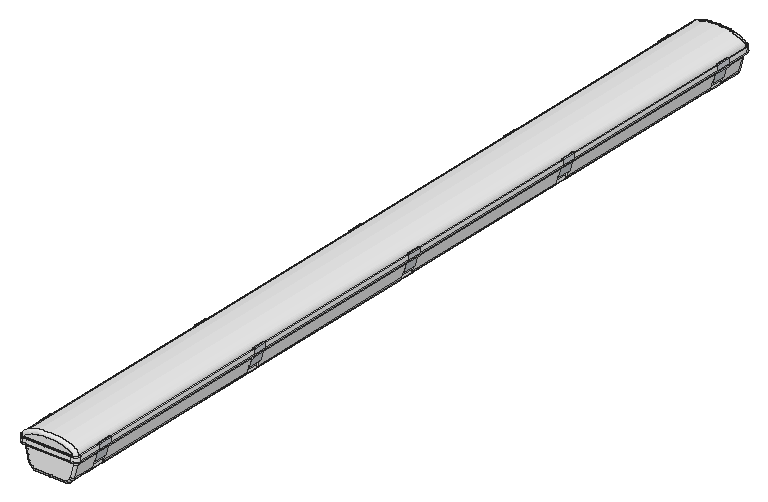
Revit family "0048723 Sylvania Lighting Fixture SYLPRF SUP LED G3 1500MM T 4K E3", category Lighting Fixtures, host Face, Revit 2016
Family settings
  Host = Face
  Part Type = Normal
  Round Connector Dimension = Use Diameter
  OmniClass Number = 23.80.70.11.14
  OmniClass Title = General Luminaries, Directional
  Cut with Voids When Loaded = No
  Light Source = Yes
  Shared = No
  Room Calculation Point = No
Parameters (values of type "0048723 SYLPRF SUP LED G3 1500MM T 4K E3")
  Width = 110 mm
  Weight = "2.6 kg"
  Wattage Comments = "n/a"
  Wattage = 49 W
  WarrantyStartDate [instance] = "n/a"
  WarrantyGuarantorParts = "n/a"
  WarrantyDurationUnit = "n/a"
  WarrantyDurationParts = "n/a"
  WarrantyDescription = "n/a"
  built-in parameter 1150110 = 1 (stored number, unit not read)
  Voltage = 230 V
  URL = "http://www.sylvania-lighting.com"
  TypeName = "SYLPRF SUP LED G3 1500MM T 4K E3"
  Type Image = <None>
  Type Comments = "n/a"
  built-in parameter 1114217 = 1 (stored number, unit not read)
  Tilt Angle = -90.00°
  built-in parameter 1150109 = 1 (stored number, unit not read)
  built-in parameter 1150134 = 12
  built-in parameter 1150113 = 1 (stored number, unit not read)
  SerialNumber [instance] = "n/a"
  ReflectorMaterial = none
  PowerFactor = 0
  PowerConsumption = "49 W"
  Photometric Web File = "0048723.ies"
  NominalWidth = 0 mm
  NominalLength = 1578 mm
  NominalHeight = 78 mm
  Name = "SYLPRF SUP LED G3 1500MM T 4K E3"
  ModelReference = "SYLPRF SUP LED G3 1500MM T 4K E3"
  ModelNumber = "0048723"
  Model = "SYLPRF SUP LED G3 1500MM T 4K E3"
  Material = "polycarbonate housing, polycarbonate diffuser"
  ManufacturerName = "Feilo Sylvania"
  Manufacturer = "Feilo Sylvania"
  LuminousEfficacy = "135 lm/W"
  built-in parameter 1150105 = 526.4 (stored number, unit not read)
  Lumens = 6615 lm
  LuminaireType = ""
  built-in parameter 1150115 = 1 (stored number, unit not read)
  LightOutputRatio = "n/a"
  built-in parameter 1150137 = (empty or 0)
  built-in parameter 1150139 = (empty or 0)
  Length = 1572 mm
  LampsType = Lamp  # "LED"
  LampNominalLuminous = "6700 lm"
  LampMacAdamStep = "3"
  LampColourTemperature = "4000 K"
  LampColourRenderingIndex = "80"
  built-in parameter 1150112 = 1 (stored number, unit not read)
  built-in parameter 1150114 = 1 (stored number, unit not read)
  Lamp = "LED"
  Keynote = "16500"
  InstallationDate [instance] = "n/a"
  InputVoltage = "220-240V~"
  InputNominalFrequency = "50/60 Hz"
  built-in parameter 1150132 = (empty or 0)
  built-in parameter 1150102 = (empty or 0)
  built-in parameter 1150107 = 4000 (stored number, unit not read)
  built-in parameter 1150138 = (empty or 0)
  IngressProtection = "IP65"
  ImpactProtectionIndex = "IK08"
  built-in parameter 1150106 = 5.264 (stored number, unit not read)
  IfcExportType = "IfcLightFixtureType"
  IfcExportAs = "IfcLightFixtureType"
  ExpectedLife = 50000
  Emit from Rectangle Width = Width - 20 mm  # 90 mm
  Emit from Rectangle Length = Length - 20 mm  # 1552 mm
  Emit Shape Visible in Rendering = no
  ElectricShockClassification = "Class I"
  built-in parameter 1150104 = 12.542 (stored number, unit not read)
  DurationUnit = "hours"
  DocumentationLiterature = "http://www.sylvania-lighting.com/product/en-int/products/0048723"
  DimmingControlOptions = "Non dimmable"
  Dimming Lamp Color Temperature Shift = <None>
  DiffuserMaterial = Diffuser-Sylvania-Transparent
  Description = "Sylproof Superia, integrated LED weatherproof luminaire, with UV stabilized flat diffuser and linear prisms designed to achieve uniform lit appearance, optimise light output and to reduce glare, stainless steel diffuser clips and fixing brackets for surface and wall mounting. L 1578 mm x W 110 mm x H 78 mm size, Polycarbonate housing, Polycarbonate diffuser, Non dimmable,   3 hour emergency, 4000K, CRI80,  6700 lm, 49 W, 135 lm/W, nominal average life (h):50000, energy class: A++ A+ A Class I,IK08, IP65."
  Default Elevation = 1219.2 mm
  CreatedOn = "3/27/2018"
  CreatedBy = "aron.fodor@feilosylvania.com"
  Cost = 0
  Color Filter = 16777215
  built-in parameter 1114216 [instance] = (empty or 0)
  ClassificationValue = "EF_70_80"
  ClassificationName = "Uniclass2015"
  BodyMaterial = Body-Sylvania-Gray
  BarCode [instance] = "n/a"
  built-in parameter 1114218 = 1 (stored number, unit not read)
  built-in parameter 1150133 = 10 (stored number, unit not read)
  AssetType = "Fixed"
  AssetIdentifier [instance] = "n/a"
  Assembly Code = "D5020200"
  Apparent Load = 49 VA
  AccessoryMaterial = Diffuser-Sylvania-Glow
Types (2, lengths in mm): name | Wattage | PowerConsumption | Photometric Web File | built-in parameter 1150105 | Lumens | LampNominalLuminous | built-in parameter 1150106 | Apparent Load
  0048723 SYLPRF SUP LED G3 1500MM T 4K E3 | 49 W | "49 W" | "0048723.ies" | 526.4 (stored number, unit not read) | 6615 lm | "6700 lm" | 5.264 (stored number, unit not read) | 49 VA
  0048723 SYLPRF SUP LED G3 1500MM T 4K E3 Emergency mode | 1.48148 W | "1.48 W" | "0048723EM.ies" | 15.915 (stored number, unit not read) | 200 lm | "200 lm" | 0.15915 (stored number, unit not read) | 1.48148 VA
Reference planes
  plane 1 "Center (Front/Back)": y = 0
  plane 2: z = 0
  plane 3 "Center (Left/Right)": x = 0
  plane 4: z = 54
  plane 5: x = -27.7
  plane 6: x = -34.8
  plane 7: x = -39.6
  plane 8: x = -42.2
  plane 9: z = 3
  plane 10: z = 7.8
  plane 11: z = 12.3
  plane 12: z = 36.6
  plane 13: z = 42.8
  plane 14: x = -51.1
  plane 15: z = 46.2
  plane 16: x = -55
  plane 17: y = 786
  plane 18: y = -786
  plane 19: x = 27.7
  plane 20: x = 34.8
  plane 21: x = 39.6
  plane 22: x = 42.2
  plane 23: x = 51.1
  plane 24: x = 55
  plane 25: y = 778.4
  plane 26: y = -778.4
  plane 27: y = -774.7
  plane 28: y = 774.7
  plane 29: z = 74
  plane 30: x = -51.5
  plane 31: x = 51.5
  plane 32: z = 55.2
  plane 33: y = -782.5
  plane 34: y = 782.5
  plane 35: x = -37.5
  plane 36: x = 37.5
  plane 37: x = -48.7
  plane 38: x = 48.7
  plane 39: x = 18
  plane 40: x = -18
  plane 41: z = 50.2
  plane 42: z = 24.6
  plane 43: y = 720
  plane 44: y = 706
  plane 45: y = 734
  plane 46: y = -720
  plane 47: y = 720
  plane 48: y = 706
  plane 49: y = 734
  plane 50: y = -720
  plane 51: y = -734
  plane 52: y = -706
  plane 53: y = 360
  plane 54: y = 346
  plane 55: y = 374
  plane 56: y = 0
  plane 57: y = -14
  plane 58: y = 14
  plane 59: y = -360
  plane 60: y = -374
  plane 61: y = -346
Forms (mm)
  Sweep 1, solid, material "Body-Sylvania-Gray" <- "BodyMaterial", detail levels medium+fine
    path origin (1223.4, -4572, 54) x (0, -1, 0) y (1, 0, 0)
      loop
        arc (-3796, -1278.4) -> (-3788.929, -1275.471) -> (-3786, -1268.4) r 10
        line (-3786, -1268.4) -> (-3786, -1178.4)
        arc (-3786, -1178.4) -> (-3788.929, -1171.329) -> (-3796, -1168.4) r 10
        line (-3796, -1168.4) -> (-5348, -1168.4)
        arc (-5348, -1168.4) -> (-5355.071, -1171.329) -> (-5358, -1178.4) r 10
        line (-5358, -1178.4) -> (-5358, -1268.4)
        arc (-5358, -1268.4) -> (-5355.071, -1275.471) -> (-5348, -1278.4) r 10
        line (-5348, -1278.4) -> (-3796, -1278.4)
    profile origin (-55, 0, 54) x (-1, 0, 0) y (0, 0, 1)
      loop
        line (0, 0) -> (-1, 0) -> (-1, -7.726)
        arc (-1, -7.726) -> (-1.994, -9.498) -> (-3.9, -10.2) r 2.937
        line (-3.9, -10.2) -> (-8.571, -10.2) -> (-8.571, -11.2) -> (-3.9, -11.2)
        arc (-3.9, -11.2) -> (-1.313, -10.231) -> (0, -7.8) r 3.937
        line (0, -7.8) -> (0, 0)
  Sweep 2, solid, material "Body-Sylvania-Gray" <- "BodyMaterial", detail levels medium+fine
    path origin (0, 0, 0) x (1, 0, 0) y (0, 0, 1)
      loop
        line (48.7, 42.8) -> (48.7, 36.6) -> (42.203, 12.31)
        arc (42.203, 12.31) -> (41.199, 9.884) -> (39.6, 7.8) r 10.052
        line (39.6, 7.8) -> (34.8, 3)
        arc (34.8, 3) -> (31.554, 0.781) -> (27.7, 0) r 9.902
        line (27.7, 0) -> (0, 0) -> (-27.7, 0)
        arc (-27.7, 0) -> (-31.554, 0.781) -> (-34.8, 3) r 9.902
        line (-34.8, 3) -> (-39.6, 7.8)
        arc (-39.6, 7.8) -> (-41.199, 9.884) -> (-42.203, 12.31) r 10.052
        line (-42.203, 12.31) -> (-48.7, 36.6) -> (-48.7, 42.8)
    profile origin (0, 0, 0) x (0, 0, -1) y (0, -1, 0)
      loop
        arc (0, 773.4) -> (-1.464, 776.936) -> (-5, 778.4) r 5
        line (-5, 778.4) -> (-7.8, 778.4) -> (-7.8, -778.4) -> (-5, -778.4)
        arc (-5, -778.4) -> (-1.464, -776.936) -> (0, -773.4) r 5
        line (0, -773.4) -> (0, 773.4)
  Extrusion 3, solid, material "Body-Sylvania-Gray" <- "BodyMaterial", detail levels medium+fine
    sketch origin (1524, 778.4, 1219.2) x (1, 0, 0) y (0, 0, 1)
      loop
        arc (-1558.668, -1204.874) -> (-1558.443, -1205.418) -> (-1558.085, -1205.885) r 2.252
        line (-1558.085, -1205.885) -> (-1553.231, -1210.738)
        arc (-1553.231, -1210.738) -> (-1552.534, -1211.227) -> (-1551.7, -1211.4) r 2.102
        line (-1551.7, -1211.4) -> (-1496.3, -1211.4)
        arc (-1496.3, -1211.4) -> (-1495.466, -1211.227) -> (-1494.769, -1210.738) r 2.102
        line (-1494.769, -1210.738) -> (-1489.915, -1205.885)
        arc (-1489.915, -1205.885) -> (-1489.557, -1205.418) -> (-1489.332, -1204.874) r 2.252
        line (-1489.332, -1204.874) -> (-1483.1, -1181.575) -> (-1483.1, -1176.4) -> (-1564.9, -1176.4) -> (-1564.9, -1181.575) -> (-1558.668, -1204.874)
    from 0 to 1556.8
  Sweep 4, solid, material "Diffuser-Sylvania-Transparent" <- "DiffuserMaterial", detail levels medium+fine
    path origin (0, 0, 0) x (1, 0, 0) y (0, 0, 1)
      loop
        spline (-51.5, 55.2) -> (-49.745, 60.066) -> (-44.6, 64.6) -> (-36.416, 68.494) -> (-25.75, 71.481) -> (-13.329, 73.359) -> (0, 74) -> (13.329, 73.359) -> (25.75, 71.481) -> (36.416, 68.494) -> (44.6, 64.6) -> (49.745, 60.066) -> (51.5, 55.2)
    profile origin (51.5, 0, 55.2) x (0, -1, 0) y (1, 0, 0)
      loop
        arc (782.5, -5.5) -> (780.889, -1.611) -> (777, 0) r 5.5
        line (777, 0) -> (-777, 0)
        arc (-777, 0) -> (-780.889, -1.611) -> (-782.5, -5.5) r 5.5
        line (-782.5, -5.5) -> (-782.5, -6.3) -> (-781.5, -6.3) -> (-781.5, -5.5)
        arc (-781.5, -5.5) -> (-780.182, -2.318) -> (-777, -1) r 4.5
        line (-777, -1) -> (777, -1)
        arc (777, -1) -> (780.182, -2.318) -> (781.5, -5.5) r 4.5
        line (781.5, -5.5) -> (781.5, -6.347) -> (782.5, -6.347) -> (782.5, -5.5)
  Extrusion 5, solid, material "Diffuser-Sylvania-Transparent" <- "DiffuserMaterial", detail levels medium+fine
    sketch origin (1524, -782.5, 1219.2) x (1, 0, 0) y (0, 0, 1)
      loop
        line (-1569.653, -1164) -> (-1478.347, -1164)
        spline (-1478.347, -1164) -> (-1478.969, -1162.594) -> (-1482.527, -1159.545) -> (-1489.588, -1156.201) -> (-1499.458, -1153.445) -> (-1511.242, -1151.663) -> (-1524, -1151.049) -> (-1536.758, -1151.663) -> (-1548.542, -1153.445) -> (-1558.412, -1156.201) -> (-1565.473, -1159.545) -> (-1569.031, -1162.594) -> (-1569.653, -1164)
    from 0 to -1
  Extrusion 6, solid, material "Diffuser-Sylvania-Transparent" <- "DiffuserMaterial", detail levels medium+fine
    sketch origin (1524, 782.5, 1219.2) x (1, 0, 0) y (0, 0, 1)
      loop
        spline (-1478.3, -1164) -> (-1478.931, -1162.565) -> (-1482.502, -1159.505) -> (-1489.572, -1156.155) -> (-1499.446, -1153.394) -> (-1511.236, -1151.614) -> (-1524, -1151.007) -> (-1536.764, -1151.614) -> (-1548.554, -1153.394) -> (-1558.428, -1156.155) -> (-1565.498, -1159.505) -> (-1569.069, -1162.565) -> (-1569.7, -1164)
        line (-1569.7, -1164) -> (-1478.3, -1164)
    from 0 to 1
  Extrusion 7, solid, material "Diffuser-Sylvania-Transparent" <- "DiffuserMaterial", detail levels medium+fine
    sketch origin (1223.4, -4572, 55.2) x (0, -1, 0) y (-1, 0, 0)
      loop
        arc (-5353.5, 1177.4) -> (-5352.182, 1174.218) -> (-5349, 1172.9) r 4.5
        line (-5349, 1172.9) -> (-3795, 1172.9)
        arc (-3795, 1172.9) -> (-3791.818, 1174.218) -> (-3790.5, 1177.4) r 4.5
        line (-3790.5, 1177.4) -> (-3790.5, 1269.4)
        arc (-3790.5, 1269.4) -> (-3791.818, 1272.582) -> (-3795, 1273.9) r 4.5
        line (-3795, 1273.9) -> (-5349, 1273.9)
        arc (-5349, 1273.9) -> (-5352.182, 1272.582) -> (-5353.5, 1269.4) r 4.5
        line (-5353.5, 1269.4) -> (-5353.5, 1177.4)
      loop
        line (-5358, 1268.4) -> (-5358, 1178.4)
        arc (-5358, 1178.4) -> (-5355.071, 1171.329) -> (-5348, 1168.4) r 10
        line (-5348, 1168.4) -> (-3796, 1168.4)
        arc (-3796, 1168.4) -> (-3788.929, 1171.329) -> (-3786, 1178.4) r 10
        line (-3786, 1178.4) -> (-3786, 1268.4)
        arc (-3786, 1268.4) -> (-3788.929, 1275.471) -> (-3796, 1278.4) r 10
        line (-3796, 1278.4) -> (-5348, 1278.4)
        arc (-5348, 1278.4) -> (-5355.071, 1275.471) -> (-5358, 1268.4) r 10
    from 0 to 1.2
  Extrusion 8, solid, material "Diffuser-Sylvania-Glow" <- "AccessoryMaterial", detail levels fine
    sketch origin (0, 0, 0) x (1, 0, 0) y (0, 0, 1)
      loop
        circle (-18, 50.2) r 8
      loop
        circle (18, 50.2) r 8
    from -774.7 to 774.7
  Extrusion 9, void
    sketch origin (0, 720, 2343.807) x (0, 0, -1) y (-1, 0, 0)
      loop
        line (2340.807, -37.5) -> (2331.507, -37.5) -> (2319.207, -42.2) -> (2319.207, -48.7) -> (2340.807, -48.7) -> (2340.807, -37.5)
      loop
        line (2340.807, 37.5) -> (2340.807, 48.7) -> (2319.207, 48.7) -> (2319.207, 42.2) -> (2331.507, 37.5) -> (2340.807, 37.5)
    from -14 to 14
  Extrusion 10, solid, material "Body-Sylvania-Gray" <- "BodyMaterial", detail levels coarse
    sketch origin (0, 0, 0) x (1, 0, 0) y (0, 0, 1)
      loop
        line (55, 42.8) -> (55, 55.2) -> (-55, 55.2) -> (-55, 42.791) -> (-42.2, 0) -> (42.2, 0) -> (55, 42.8)
    from -786 to 786
  Extrusion 11, solid, material "Diffuser-Sylvania-Transparent" <- "DiffuserMaterial", detail levels coarse
    sketch origin (0, 0, 0) x (1, 0, 0) y (0, 0, 1)
      loop
        arc (51.5, 55.2) -> (0, 74) -> (-51.5, 55.2) r 79.939
        line (-51.5, 55.2) -> (51.5, 55.2)
    from 778.4 to -778.4
  Extrusion 12, void, not visible
    sketch origin (0, 720, 2343.807) x (0, 0, -1) y (-1, 0, 0)
      loop
        line (2340.807, -37.5) -> (2331.507, -37.5) -> (2319.207, -42.2) -> (2319.207, -48.7) -> (2340.807, -48.7) -> (2340.807, -37.5)
      loop
        line (2340.807, 37.5) -> (2340.807, 48.7) -> (2319.207, 48.7) -> (2319.207, 42.2) -> (2331.507, 37.5) -> (2340.807, 37.5)
    from -14 to 14
  Extrusion 13, void
    sketch origin (0, -720, 2343.807) x (0, 0, -1) y (-1, 0, 0)
      loop
        line (2340.807, -37.5) -> (2331.507, -37.5) -> (2319.207, -42.2) -> (2319.207, -48.7) -> (2340.807, -48.7) -> (2340.807, -37.5)
      loop
        line (2340.807, 37.5) -> (2340.807, 48.7) -> (2319.207, 48.7) -> (2319.207, 42.2) -> (2331.507, 37.5) -> (2340.807, 37.5)
    from -14 to 14
  Extrusion 14, void
    sketch origin (0, 360, 2343.807) x (0, 0, -1) y (-1, 0, 0)
      loop
        line (2340.807, -37.5) -> (2331.507, -37.5) -> (2319.207, -42.2) -> (2319.207, -48.7) -> (2340.807, -48.7) -> (2340.807, -37.5)
      loop
        line (2340.807, 37.5) -> (2340.807, 48.7) -> (2319.207, 48.7) -> (2319.207, 42.2) -> (2331.507, 37.5) -> (2340.807, 37.5)
    from -14 to 14
  Extrusion 15, void
    sketch origin (0, 0, 2343.807) x (0, 0, -1) y (-1, 0, 0)
      loop
        line (2340.807, -37.5) -> (2331.507, -37.5) -> (2319.207, -42.2) -> (2319.207, -48.7) -> (2340.807, -48.7) -> (2340.807, -37.5)
      loop
        line (2340.807, 37.5) -> (2340.807, 48.7) -> (2319.207, 48.7) -> (2319.207, 42.2) -> (2331.507, 37.5) -> (2340.807, 37.5)
    from -14 to 14
  Extrusion 16, void
    sketch origin (0, -360, 2343.807) x (0, 0, -1) y (-1, 0, 0)
      loop
        line (2340.807, -37.5) -> (2331.507, -37.5) -> (2319.207, -42.2) -> (2319.207, -48.7) -> (2340.807, -48.7) -> (2340.807, -37.5)
      loop
        line (2340.807, 37.5) -> (2340.807, 48.7) -> (2319.207, 48.7) -> (2319.207, 42.2) -> (2331.507, 37.5) -> (2340.807, 37.5)
    from -14 to 14
Cuts and joins
  Extrusion 9, Extrusion 13, Extrusion 14, Extrusion 15, Extrusion 16 cuts Sweep 2
  Extrusion 13, Extrusion 14, Extrusion 15, Extrusion 16 cuts Extrusion 3
  joined: Sweep 2, Extrusion 3
  joined: Sweep 4, Extrusion 5, Extrusion 6
Dimensions and locks
  locked: plane 4 to plane 2 at 54
  plane 5 to plane 6 to plane 7 to plane 8 to plane 14 to plane 16 = 7.1 mm locked, 4.8 mm locked, 2.6 mm locked, 8.9 mm, 3.9 mm
  plane 4 to plane 15 to plane 13 to plane 12 to plane 11 to plane 10 to plane 9 = 7.8 mm locked, 3.4 mm, 6.2 mm locked, 24.3 mm locked, 4.5 mm locked, 4.8 mm locked
  equal spacing: plane 18, plane 1 "Center (Front/Back)", plane 17
  "Length": plane 18 to plane 17
  plane 19 to plane 20 to plane 21 to plane 22 to plane 23 to plane 24 = 7.1 mm locked, 4.8 mm locked, 2.6 mm locked, 8.9 mm, 3.9 mm
  equal spacing: plane 24, plane 3 "Center (Left/Right)", plane 16
  "Width": plane 24 to plane 16
  equal spacing: plane 27, plane 1 "Center (Front/Back)", plane 28
  locked: plane 26 to plane 27 at 3.7
  locked: Sweep 1 sketch curve to profile plane at 1
  locked: Sweep 1 sketch curve to plane 13 at 1
  locked: Sweep 1 sketch curve to plane 13 at 3.937  (x2)
  locked: Sweep 1 sketch curve to profile plane at 3.9  (x2)
  locked: plane 29 to plane 4 at 20
  equal spacing: plane 31, plane 3 "Center (Left/Right)", plane 30
  locked: plane 30 to plane 16 at 3.5
  locked: plane 32 to plane 4 at 1.2
  equal spacing: plane 33, plane 1 "Center (Front/Back)", plane 34
  equal spacing: plane 36, plane 3 "Center (Left/Right)", plane 35
  locked: plane 3 "Center (Left/Right)" to plane 35 at 37.5
  locked: plane 34 to plane 17 at 3.5
  equal spacing: plane 38, plane 3 "Center (Left/Right)", plane 37
  locked: plane 37 to plane 16 at 6.3
  equal spacing: plane 25, plane 1 "Center (Front/Back)", plane 26
  locked: plane 17 to plane 25 at 7.6
  locked: Sweep 2 sketch curve to plane 2 at 5  (x2)
  locked: Sweep 2 sketch curve to plane 26 at 5
  locked: plane 25 to Sweep 2 sketch curve at 5
  locked: Sweep 4 sketch curve to plane 31 at 5.5  (x2)
  locked: Sweep 4 sketch curve to plane 34 at 5.5
  plane 33 to Sweep 4 sketch curve = 5.5 mm
  locked: plane 34 to Sweep 4 sketch curve at 1
  locked: Sweep 4 sketch curve to plane 31 at 1
  locked: Sweep 4 sketch curve to Sweep 4 sketch curve at 1
  locked: Sweep 4 sketch curve to plane 31 at 6.347
  locked: Sweep 4 sketch curve to plane 31 at 6.3
  equal spacing: plane 39, plane 3 "Center (Left/Right)", plane 40
  locked: plane 3 "Center (Left/Right)" to plane 40 at 18
  locked: plane 42 to plane 2 at 24.6
  plane 45 to plane 43 to plane 44 = 14 mm locked, 14 mm locked
  locked: plane 17 to plane 43 at 66
  equal spacing: plane 43, plane 1 "Center (Front/Back)", plane 46
  plane 49 to plane 47 to plane 48 = 14 mm locked, 14 mm locked
  plane 52 to plane 50 to plane 51 = 14 mm locked, 14 mm locked  (x2)
  equal spacing: group 1, group 6, group 7, group 8, group 5  (x2)
  equal spacing: group 5, group 8, group 7, group 6, group 1
  plane 55 to plane 53 to plane 54 = 14 mm locked, 14 mm locked  (x2)
  plane 58 to plane 56 to plane 57 = 14 mm locked, 14 mm locked  (x2)
  plane 61 to plane 59 to plane 60 = 14 mm locked, 14 mm locked  (x2)
  plane 43 to plane 53 to plane 1 "Center (Front/Back)" to plane 59 to plane 50 = 360 mm locked, 360 mm locked, 360 mm locked, 360 mm locked
  aligned and locked: plane 2 to host face
  aligned and locked: level to host face
  aligned and locked: plane 16 to Sweep 1 sketch curve
  aligned and locked: Sweep 1 sketch curve to plane 24
  aligned and locked: plane 18 to Sweep 1 sketch curve
  aligned and locked: Sweep 1 sketch curve to plane 13
  aligned and locked: profile plane to Sweep 1 sketch curve
  aligned and locked: plane 3 "Center (Left/Right)" to Sweep 2 sketch curve
  aligned and locked: plane 9 to Sweep 2 sketch curve
  aligned and locked: plane 10 to Sweep 2 sketch curve
  aligned and locked: plane 37 to Sweep 2 sketch curve
  aligned and locked: plane 12 to Sweep 2 sketch curve
  aligned and locked: Sweep 2 sketch curve to level
  aligned and locked: plane 21 to Sweep 2 sketch curve
  aligned and locked: plane 38 to Sweep 2 sketch curve
  aligned and locked: profile plane to Sweep 2 sketch curve
  aligned and locked: plane 25 to Sweep 2 sketch curve
  aligned and locked: Sweep 2 sketch curve to plane 10
  aligned and locked: Extrusion 3 sketch curve to Sweep 2  (x7)
  aligned and locked: Sweep 2 to Extrusion 3 sketch curve
  aligned and locked: Extrusion 3 to plane 25
  aligned and locked: plane 26 to Extrusion 3
  aligned and locked: plane 32 to Sweep 4 sketch curve
  aligned and locked: plane 33 to Sweep 4 sketch curve
  aligned and locked: Sweep 4 to Extrusion 5
  aligned and locked: plane 33 to Extrusion 5
  aligned and locked: Extrusion 5 sketch curve to Sweep 4
  aligned and locked: cut or joined group of Sweep 4, Extrusion 5, Extrusion 6 to Extrusion 6 sketch curve
  aligned and locked: Extrusion 7 sketch curve to cut or joined group of Sweep 4, Extrusion 5, Extrusion 6  (x2)
  aligned and locked: cut or joined group of Sweep 4, Extrusion 5, Extrusion 6 to Extrusion 7 sketch curve  (x2)
  aligned and locked: plane 41 to Extrusion 8 sketch curve  (x2)
  aligned and locked: plane 39 to Extrusion 8 sketch curve
  aligned and locked: plane 27 to Extrusion 8
  aligned and locked: Extrusion 8 to plane 28
  aligned and locked: Extrusion 9 to plane 42
  aligned and locked: plane 9 to Extrusion 9
  aligned and locked: plane 44 to Extrusion 9
  aligned and locked: Extrusion 9 to plane 45
  aligned and locked: Extrusion 7 sketch curve to Sweep 1  (x4)
  aligned and locked: plane 4 to Extrusion 7
  aligned and locked: Extrusion 7 to plane 32
  aligned and locked: nested 2 to plane 43
  aligned and locked: plane 43 to nested 1
  aligned and locked: Extrusion 10 sketch curve to plane 24
  aligned and locked: Extrusion 10 sketch curve to Extrusion 7
  aligned and locked: plane 8 to Extrusion 10 sketch curve
  aligned and locked: plane 22 to Extrusion 10 sketch curve
  aligned and locked: level to Extrusion 10 sketch curve
  aligned and locked: Extrusion 10 to plane 17
  aligned and locked: plane 18 to Extrusion 10
  aligned and locked: cut or joined group of Sweep 4, Extrusion 5, Extrusion 6 to Extrusion 11 sketch curve
  aligned and locked: Extrusion 11 sketch curve to cut or joined group of Sweep 4, Extrusion 5, Extrusion 6  (x2)
  aligned and locked: plane 31 to Extrusion 11 sketch curve
  aligned and locked: plane 30 to Extrusion 11 sketch curve
  aligned and locked: plane 26 to Extrusion 11
  aligned and locked: Extrusion 11 to plane 25
  aligned and locked: imposter light to plane 29
  aligned and locked: plane 3 "Center (Left/Right)" to imposter light
  aligned and locked: plane 1 "Center (Front/Back)" to imposter light
  aligned and locked: plane 51 to Extrusion 13
  aligned and locked: Extrusion 13 to plane 52
  aligned and locked: plane 54 to Extrusion 14
  aligned and locked: Extrusion 14 to plane 55
  aligned and locked: plane 57 to Extrusion 15
  aligned and locked: Extrusion 15 to plane 58
  aligned and locked: plane 60 to Extrusion 16
  aligned and locked: Extrusion 16 to plane 61
  aligned and locked: nested 3 to plane 53
  aligned and locked: plane 53 to nested 10
  aligned and locked: nested 4 to plane 56
  aligned and locked: plane 56 to nested 9
  aligned and locked: nested 5 to plane 59
  aligned and locked: plane 59 to nested 8
  aligned and locked: nested 6 to plane 50
  aligned and locked: plane 50 to nested 7
Automatic sketch dimensions
  host sketch curve to host sketch curve = 2438.4 mm  (x2)
  plane 17 to Sweep 1 sketch curve = 0 mm
  Sweep 1 sketch curve to plane 28 = 1.3 mm
  Sweep 1 sketch curve to plane 7 = 5.4 mm
  plane 27 to Sweep 1 sketch curve = 1.3 mm  (x2)
  Sweep 1 sketch curve to Sweep 1 sketch curve = 4.671 mm
  Sweep 1 sketch curve to plane 4 = 0 mm
  Sweep 2 sketch curve to plane 7 = 0 mm
  Sweep 2 sketch curve to plane 6 = 0 mm
  Sweep 2 sketch curve to plane 5 = 0 mm
  plane 19 to Sweep 2 sketch curve = 0 mm
  Sweep 2 sketch curve to plane 9 = 0 mm
  plane 20 to Sweep 2 sketch curve = 0 mm
  Sweep 2 sketch curve to plane 12 = 0 mm
  Sweep 2 sketch curve to plane 10 = 0 mm
  Sweep 2 sketch curve to plane 13 = 0 mm  (x2)
  Sweep 2 sketch curve to plane 8 = 0.003 mm
  plane 6 to Sweep 2 sketch curve = 2.308 mm
  plane 20 to Sweep 2 sketch curve = 2.308 mm
  Sweep 2 sketch curve to plane 22 = 0.003 mm
  Sweep 2 sketch curve to plane 11 = 0.01 mm  (x2)
  Extrusion 3 sketch curve to plane 5 = 0 mm
  plane 19 to Extrusion 3 sketch curve = 0 mm
  plane 6 to Extrusion 3 sketch curve = 0.132 mm
  plane 6 to Extrusion 3 sketch curve = 0.715 mm
  Extrusion 3 sketch curve to Extrusion 3 sketch curve = 1.592 mm
  Extrusion 3 sketch curve to plane 10 = 0.662 mm  (x2)
  plane 20 to Extrusion 3 sketch curve = 2.308 mm
  plane 20 to Extrusion 3 sketch curve = 0.715 mm
  plane 20 to Extrusion 3 sketch curve = 0.132 mm
  Sweep 4 sketch curve to plane 30 = 0 mm
  Sweep 4 sketch curve to plane 3 "Center (Left/Right)" = 0 mm
  Sweep 4 sketch curve to Sweep 4 sketch curve = 0 mm  (x2)
  plane 37 to Extrusion 5 sketch curve = 3.047 mm
  Extrusion 5 sketch curve to plane 38 = 3.047 mm
  plane 37 to Extrusion 6 sketch curve = 3 mm
  Extrusion 6 sketch curve to plane 38 = 3 mm
  plane 25 to Extrusion 7 sketch curve = 1.4 mm  (x2)
  Extrusion 7 sketch curve to plane 26 = 1.4 mm  (x2)
  Extrusion 8 sketch curve to plane 40 = 0 mm
  Extrusion 9 sketch curve to Extrusion 9 sketch curve = 0 mm
  Extrusion 9 sketch curve to Extrusion 9 sketch curve = 12.3 mm  (x2)
  Extrusion 9 sketch curve to Extrusion 9 sketch curve = 9.3 mm  (x2)
  Extrusion 9 sketch curve to Extrusion 9 sketch curve = 6.5 mm
  Extrusion 9 sketch curve to Extrusion 9 sketch curve = 4.7 mm  (x2)
  Extrusion 9 sketch curve to Extrusion 9 sketch curve = 75 mm
  Extrusion 9 sketch curve to Extrusion 9 sketch curve = 11.2 mm
  Extrusion 10 sketch curve to plane 13 = 0 mm
  plane 13 to Extrusion 10 sketch curve = 0.009 mm
  Extrusion 11 sketch curve to level = 5.939 mm
  Extrusion 10 sketch curve to plane 16 = 0 mm
  Extrusion 12 sketch curve to Extrusion 12 sketch curve = 0 mm
  Extrusion 12 sketch curve to Extrusion 12 sketch curve = 12.3 mm  (x2)
  Extrusion 12 sketch curve to Extrusion 12 sketch curve = 9.3 mm  (x2)
  Extrusion 12 sketch curve to Extrusion 12 sketch curve = 6.5 mm
  Extrusion 12 sketch curve to Extrusion 12 sketch curve = 4.7 mm  (x2)
  Extrusion 12 sketch curve to Extrusion 12 sketch curve = 75 mm
  Extrusion 12 sketch curve to Extrusion 12 sketch curve = 11.2 mm
  Extrusion 13 sketch curve to Extrusion 13 sketch curve = 0 mm
  Extrusion 13 sketch curve to Extrusion 13 sketch curve = 12.3 mm  (x2)
  Extrusion 13 sketch curve to Extrusion 13 sketch curve = 9.3 mm  (x2)
  Extrusion 13 sketch curve to Extrusion 13 sketch curve = 6.5 mm
  Extrusion 13 sketch curve to Extrusion 13 sketch curve = 4.7 mm  (x2)
  Extrusion 13 sketch curve to Extrusion 13 sketch curve = 75 mm
  Extrusion 13 sketch curve to Extrusion 13 sketch curve = 11.2 mm
  Extrusion 14 sketch curve to Extrusion 14 sketch curve = 0 mm
  Extrusion 14 sketch curve to Extrusion 14 sketch curve = 12.3 mm  (x2)
  Extrusion 14 sketch curve to Extrusion 14 sketch curve = 9.3 mm  (x2)
  Extrusion 14 sketch curve to Extrusion 14 sketch curve = 6.5 mm
  Extrusion 14 sketch curve to Extrusion 14 sketch curve = 4.7 mm  (x2)
  Extrusion 14 sketch curve to Extrusion 14 sketch curve = 75 mm
  Extrusion 14 sketch curve to Extrusion 14 sketch curve = 11.2 mm
  Extrusion 15 sketch curve to Extrusion 15 sketch curve = 0 mm
  Extrusion 15 sketch curve to Extrusion 15 sketch curve = 12.3 mm  (x2)
  Extrusion 15 sketch curve to Extrusion 15 sketch curve = 9.3 mm  (x2)
  Extrusion 15 sketch curve to Extrusion 15 sketch curve = 6.5 mm
  Extrusion 15 sketch curve to Extrusion 15 sketch curve = 4.7 mm  (x2)
  Extrusion 15 sketch curve to Extrusion 15 sketch curve = 75 mm
  Extrusion 15 sketch curve to Extrusion 15 sketch curve = 11.2 mm
  Extrusion 16 sketch curve to Extrusion 16 sketch curve = 0 mm
  Extrusion 16 sketch curve to Extrusion 16 sketch curve = 12.3 mm  (x2)
  Extrusion 16 sketch curve to Extrusion 16 sketch curve = 9.3 mm  (x2)
  Extrusion 16 sketch curve to Extrusion 16 sketch curve = 6.5 mm
  Extrusion 16 sketch curve to Extrusion 16 sketch curve = 4.7 mm  (x2)
  Extrusion 16 sketch curve to Extrusion 16 sketch curve = 75 mm
  Extrusion 16 sketch curve to Extrusion 16 sketch curve = 11.2 mm
  radius of Extrusion 8 sketch curve = 8 mm  (x2)
Nested families
  nested 1: "Clip" at (42.2, 720, 24.6), type "Clip", detail levels fine
  nested 2: "Clip" at (-42.2, 720, 24.6) x (-1, 0, 0) z (0, 0, 1), type "Clip", detail levels fine
  nested 3: "Clip" at (-42.2, 360, 24.6) x (-1, 0, 0) z (0, 0, 1), type "Clip", detail levels fine
  nested 4: "Clip" at (-42.2, 0, 24.6) x (-1, 0, 0) z (0, 0, 1), type "Clip", detail levels fine
  nested 5: "Clip" at (-42.2, -360, 24.6) x (-1, 0, 0) z (0, 0, 1), type "Clip", detail levels fine
  nested 6: "Clip" at (-42.2, -720, 24.6) x (-1, 0, 0) z (0, 0, 1), type "Clip", detail levels fine
  nested 7: "Clip" at (42.2, -720, 24.6), type "Clip", detail levels fine
  nested 8: "Clip" at (42.2, -360, 24.6), type "Clip", detail levels fine
  nested 9: "Clip" at (42.2, 0, 24.6), type "Clip", detail levels fine
  nested 10: "Clip" at (42.2, 360, 24.6), type "Clip", detail levels fine
Connectors
  electrical at (0, 0, 0), driven by "Apparent Load"
    settings: index 1, voltage 230 V, apparent load 49 VA, apparent load phase1 0 VA, apparent load phase2 0 VA, apparent load phase3 0 VA, power factor 0, load classification "Lighting", number of poles 1, system type 30, power factor state 1, is connector primary yes, connector utility no, sub classification motor no, connector description ""
Definition of nested family "Clip"
  Parameters (values of type "Clip")
    URL = "http://www.feilosylvania.com"
    Type Comments = "n/a"
    Model = "n/a"
    Manufacturer = "Feilo Sylvania"
    Keynote = "n/a"
    Description = "n/a"
    Default Elevation = 1219.2 mm
    Cost = 0
    BodyMaterial = none
    Assembly Code = "n/a"
  Reference planes
    plane 1 "Center (Front/Back)": y = 0
    plane 2: z = 0
    plane 3 "Center (Left/Right)": x = 0
    plane 4: x = 3.3
    plane 5: x = 6.5
    plane 6: x = 8.9
    plane 7: x = 12.8
    plane 8: z = 12
    plane 9: z = 18.2
    plane 10: z = 21.6
    plane 11: z = 30.6
    plane 12: x = 9.3
    plane 13: z = 19.2
    plane 14: z = 16.2
    plane 15: x = 10.1
    plane 16: y = 12
    plane 17: y = -12
  Forms (mm)
    Extrusion 1, solid
      sketch origin (-0.8, 0, 0) x (1, 0, 0) y (0, 1, 0)
        loop
          line (-1219.2, 1219.2) -> (-1219.2, -1219.2) -> (1219.2, -1219.2) -> (1219.2, 1219.2) -> (-1219.2, 1219.2)
      from 0 to -304.8
    Extrusion 2, solid
      sketch origin (0, 0, 0) x (1, 0, 0) y (0, 0, 1)
        loop
          line (8.9, 16.2) -> (4.58, 0) -> (0, 0) -> (0, -0.8) -> (5.195, -0.8) -> (9.603, 15.731) -> (13.6, 18.806) -> (13.6, 30.6)
          arc (13.6, 30.6) -> (11.45, 32.75) -> (9.3, 30.6) r 2.15
          line (9.3, 30.6) -> (10.1, 30.6)
          arc (10.1, 30.6) -> (11.45, 31.95) -> (12.8, 30.6) r 1.35
          line (12.8, 30.6) -> (12.8, 19.2) -> (8.9, 16.2)
      from -12 to 12
  Lines and regions (mm)
    reference lines
      curve 1: line (3.3, 0, 0) -> (6.5, 0, 12)
      curve 2: arc (8.9, 0, 18.2) -> (11.488, 0, 19.169) -> (12.8, 0, 21.6) r 3.934
  Dimensions and locks
    plane 7 to plane 6 to plane 5 to plane 4 to plane 3 "Center (Left/Right)" = 3.9 mm locked, 2.4 mm locked, 3.2 mm locked, 3.3 mm locked
    plane 11 to plane 10 to plane 9 to plane 8 to plane 2 = 9 mm locked, 3.4 mm locked, 6.2 mm locked, 12 mm locked
    locked: plane 7 to plane 12 at 3.5
    locked: plane 13 to plane 9 at 1
    locked: plane 9 to plane 14 at 2
    locked: plane 15 to plane 12 at 0.8
    locked: plane 2 to Extrusion 2 sketch curve at 0.8
    locked: Extrusion 2 sketch curve to Extrusion 2 sketch curve at 0.8  (x3)
    locked: plane 7 to Extrusion 2 sketch curve at 1.35
    equal spacing: plane 17, plane 1 "Center (Front/Back)", plane 16
    locked: plane 1 "Center (Front/Back)" to plane 16 at 12
    aligned and locked: plane 2 to Extrusion 1
    aligned and locked: level to Extrusion 1
    aligned and locked: plane 4 to curve 1
    aligned and locked: plane 5 to curve 1
    aligned and locked: plane 6 to curve 2
    aligned and locked: plane 10 to curve 2
    aligned and locked: plane 14 to Extrusion 2 sketch curve
    aligned and locked: plane 13 to Extrusion 2 sketch curve
    aligned and locked: plane 7 to Extrusion 2 sketch curve
    aligned and locked: plane 3 "Center (Left/Right)" to Extrusion 2 sketch curve
    aligned and locked: Extrusion 2 sketch curve to level
    aligned and locked: Extrusion 2 sketch curve to plane 11
    aligned and locked: plane 11 to Extrusion 2 sketch curve
    aligned and locked: Extrusion 2 to plane 16
    aligned and locked: plane 17 to Extrusion 2
  Automatic sketch dimensions
    Extrusion 1 sketch curve to Extrusion 1 sketch curve = 2438.4 mm  (x2)
    curve 2 to plane 7 = 0 mm
    curve 1 to level = 0 mm
    curve 1 to plane 8 = 0 mm
    curve 2 to plane 9 = 0 mm
    plane 6 to curve 2 = 0.002 mm
    Extrusion 2 sketch curve to Extrusion 2 sketch curve = 0 mm
    Extrusion 2 sketch curve to plane 6 = 0 mm
    plane 4 to Extrusion 2 sketch curve = 1.28 mm
